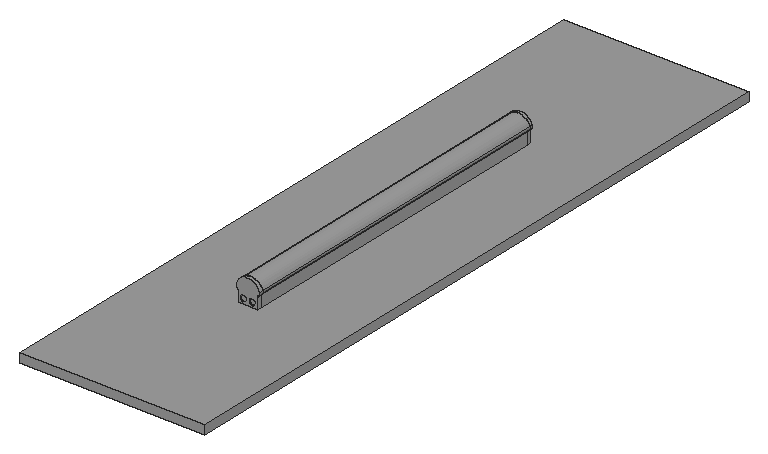
Revit family "SLLED4HTMO-HOWT40-50120-277V", category Lighting Fixtures, host Face, Revit 2026
Family settings
  Host = Face
  Round Connector Dimension = Use Diameter
  Part Type = Normal
  Cut with Voids When Loaded = No
  Light Source = Yes
  Maintain Annotation Orientation = No
  Shared = No
  Room Calculation Point = No
Parameters (values of type "SLSEL8HT-70W-4K")
  Wattage Comments = "70"
  Wattage = 68.1558 W
  built-in parameter 1150110 = 1 (stored number, unit not read)
  Type Image = SLSEL IMAGE.png
  Type Comments = "The STRIPLED SELECTABLE is our next generation of STRIPLED now\r\noffered in field selectable color temperatures (3500K, 4000K, 5000K)\r\nand three lumen levels (3700/4300/5200 lm normal for 4 ft;\r\n7200/8500/10000 lm nominal for 8 ft)"
  built-in parameter 1114217 = 0.9 (stored number, unit not read)
  Tilt Angle = -90.00°
  built-in parameter 1150109 = 1 (stored number, unit not read)
  built-in parameter 1150134 = 12
  TOTAL L = (L1 + 0.40625") * 2  # 48.00"
  built-in parameter 1150113 = 1 (stored number, unit not read)
  REFLECTOR MATERIAL = REFLECTOR MATERIAL
  Photometric Web File = "SLSEL8HT- 70W 4000K.ies"
  Model = "SLSEL8HT-70W-4K"
  Manufacturer = "BEGHELLI"
  built-in parameter 1150105 = 805.64 (stored number, unit not read)
  Lumens = 10124 lm
  built-in parameter 1150115 = 1 (stored number, unit not read)
  built-in parameter 1150137 = (empty or 0)
  built-in parameter 1150139 = (empty or 0)
  built-in parameter 1150112 = 1 (stored number, unit not read)
  built-in parameter 1150114 = 1 (stored number, unit not read)
  Lamp = "LED"
  L1 = L / 2  # 23.59375"
  L = 47.1875"
  built-in parameter 1150132 = 2
  built-in parameter 1150102 = (empty or 0)
  built-in parameter 1150107 = 4000 (stored number, unit not read)
  built-in parameter 1150138 = (empty or 0)
  built-in parameter 1150106 = 8.0564 (stored number, unit not read)
  HOUSING MATERIAL = HOUSING MATERIAL
  Emit from Line Length = 24.00"
  built-in parameter 1150104 = 13.8 (stored number, unit not read)
  Dimming Lamp Color Temperature Shift = <None>
  Description = ""
  Default Elevation = 48.00"
  Color Filter = 16777215
  built-in parameter 1114218 = 1 (stored number, unit not read)
  built-in parameter 1150133 = 10 (stored number, unit not read)
Types (7): name | Wattage Comments | Wattage | Photometric Web File | Model | built-in parameter 1150105 | Lumens | built-in parameter 1150106
  (no name) | "70" | 68.1558 W | "SLSEL8HT- 70W 4000K.ies" | "SLSEL8HT-70W-4K" | 805.64 (stored number, unit not read) | 10124 lm | 8.0564 (stored number, unit not read)
  SLSEL4HT-25W-4K | "25.8" | 24.4443 W | "SLSEL4HT- 25W 4000K.ies" | "SLSEL4HT-25W-4K" | 288.95 (stored number, unit not read) | 3631 lm | 2.8895 (stored number, unit not read)
  SLSEL4HT-30W-4K | "30.9" | 29.0625 W | "SLSEL4HT- 30W 4000K.ies" | "SLSEL4HT-30W-4K" | 343.54 (stored number, unit not read) | 4317 lm | 3.4354 (stored number, unit not read)
  SLSEL4HT-35W-4K | "35.3" | 35.0271 W | "SLSEL4HT- 35W 4000K.ies" | "SLSEL4HT-35W-4K" | 414.04 (stored number, unit not read) | 5203 lm | 4.1404 (stored number, unit not read)
  SLSEL8HT-55W-4K | "55" | 48.0336 W | "SLSEL8HT- 55W 4000K.ies" | "SLSEL8HT-55W-4K" | 567.79 (stored number, unit not read) | 7135 lm | 5.6779 (stored number, unit not read)
  SLSEL8HT-60W-4K | "60" | 57.1152 W | "SLSEL8HT- 60W 4000K.ies" | "SLSEL8HT-60W-4K" | 675.14 (stored number, unit not read) | 8484 lm | 6.7514 (stored number, unit not read)
  SLSEL8HT-70W-4K | "70" | 68.1558 W | "SLSEL8HT- 70W 4000K.ies" | "SLSEL8HT-70W-4K" | 805.64 (stored number, unit not read) | 10124 lm | 8.0564 (stored number, unit not read)
Reference planes (in)
  plane 1 "Center (Front/Back)": y = 0
  plane 2: z = 0
  plane 3 "Center (Left/Right)": x = 0
  plane 4: y = 23.59375
  plane 5: y = -23.60625
  plane 6: y = 23.99375
  plane 7: y = -24.00625
  plane 8: z = 3.00002
  plane 9: z = 3.5
Forms (in)
  Extrusion 1, solid, material "HOUSING MATERIAL" <- "HOUSING MATERIAL"
    sketch origin (0, 0, 0) x (1, 0, 0) y (0, 1, 0)
      loop
        line (-13, 48) -> (-13, -48) -> (12.99313, -48) -> (12.99313, 48) -> (-13, 48)
    from 0 to -1.21327
Dimensions and locks (in)
  "L1": plane 4 to plane 1 "Center (Front/Back)"
  locked: plane 6 to plane 4 at 0.4
  locked: plane 7 to plane 5 at 0.4
  "TOTAL L": plane 6 to plane 7
  plane 9 to level = 3.50"
  aligned and locked: plane 2 to Extrusion 1
  aligned and locked: level to Extrusion 1
  aligned and locked: plane 7 to nested 3
  aligned and locked: plane 4 to nested 4
Automatic sketch dimensions
  Extrusion 1 sketch curve to Extrusion 1 sketch curve = 25.99313"
  Extrusion 1 sketch curve to Extrusion 1 sketch curve = 96.00"
Nested families (in)
  nested 1: "HOUSING" at (0, 0, 0), type "HOUSING"
    with L1 23.59375", L 47.1875"
  nested 2: "REFLECTOR-2" at (0, 0, 0), type "REFLECTOR"
    with L1 23.59375", L 47.1875"
  nested 3: "END CAP" at (0, -24.00625, 0), type "END CAP"
  nested 4: "END CAP" at (0, 23.99375, 0), type "END CAP"
Definition of nested family "HOUSING"
  Parameters (values of type "HOUSING")
    L1 = L / 2  # 23.60"
    L = 47.20"
    HOUSING MATERIAL = none
    Default Elevation = 0.00"
  Reference planes (in)
    plane 1 "Center (Front/Back)": y = 0
    plane 2: z = 0
    plane 3 "Center (Left/Right)": x = 0
    plane 4: z = 3.6
    plane 5: y = 23.6
    plane 6: y = -23.6
  Forms (in)
    Extrusion 1, solid, material <- "HOUSING MATERIAL"
      sketch origin (0, 0, 0) x (1, 0, 0) y (0, 0, 1)
        loop
          line (-1.08937, 1.74893) -> (-1.32001, 1.74893)
          arc (-1.32001, 1.74893) -> (-1.36098, 1.73196) -> (-1.37795, 1.69098) r 0.05795
          line (-1.37795, 1.69098) -> (-1.37795, 0) -> (-0.00143, 0) -> (1.37795, 0) -> (1.37795, 1.69098)
          arc (1.37795, 1.69098) -> (1.36098, 1.73196) -> (1.32001, 1.74893) r 0.05795
          line (1.32001, 1.74893) -> (1.08937, 1.74893) -> (1.08937, 1.70205) -> (1.33108, 1.70205) -> (1.33108, 0.06147) -> (-0.00143, 0.06147) -> (-1.33108, 0.06147) -> (-1.33108, 1.70205) -> (-1.08937, 1.70205) -> (-1.08937, 1.74893)
      from -23.6 to 23.6
  Dimensions and locks (in)
    "L1": plane 5 to plane 1 "Center (Front/Back)"
    "L": plane 5 to plane 6
    aligned and locked: plane 2 to level
    aligned and locked: plane 5 to Extrusion 1
    aligned and locked: plane 6 to Extrusion 1
  Automatic sketch dimensions
    Extrusion 1 sketch curve to level = 0.00"
    Extrusion 1 sketch curve to plane 3 "Center (Left/Right)" = 1.37795"
    Extrusion 1 sketch curve to Extrusion 1 sketch curve = 0.04688"
    Extrusion 1 sketch curve to Extrusion 1 sketch curve = 0.01107"  (x3)
    Extrusion 1 sketch curve to Extrusion 1 sketch curve = 0.23064"  (x2)
    Extrusion 1 sketch curve to plane 3 "Center (Left/Right)" = 0.00143"  (x2)
    plane 3 "Center (Left/Right)" to Extrusion 1 sketch curve = 1.08937"
    level to Extrusion 1 sketch curve = 0.06147"
    plane 3 "Center (Left/Right)" to Extrusion 1 sketch curve = 1.33108"
    Extrusion 1 sketch curve to Extrusion 1 sketch curve = 0.04687"
    Extrusion 1 sketch curve to Extrusion 1 sketch curve = 1.62951"  (x2)
Definition of nested family "REFLECTOR-2"
  Parameters (values of type "REFLECTOR")
    REFLECTOR MATERIAL = none
    L1 = L / 2  # 23.60"
    L = 47.20"
    Default Elevation = 0.00"
  Reference planes (in)
    plane 1 "Center (Front/Back)": y = 0
    plane 2: z = 0
    plane 3 "Center (Left/Right)": x = 0
    plane 4: y = 23.6
    plane 5: y = -23.6
  Forms (in)
    Extrusion 1, solid, material <- "REFLECTOR MATERIAL"
      sketch origin (0, 0, 0) x (1, 0, 0) y (0, 0, 1)
        loop
          arc (1.66981, 2.28662) -> (0, 3.54724) -> (-1.66981, 2.28662) r 1.73622
          arc (-1.66981, 2.28662) -> (-1.68107, 2.09808) -> (-1.61171, 1.92239) r 0.43701
          arc (-1.61171, 1.92239) -> (-1.50642, 1.80131) -> (-1.375, 1.70925) r 0.65946
          arc (-1.375, 1.70925) -> (-1.35391, 1.73797) -> (-1.32001, 1.74893) r 0.05795
          line (-1.32001, 1.74893) -> (-1.08937, 1.74893) -> (-1.08937, 1.70205) -> (-1.04249, 1.70205) -> (-1.04249, 1.7958) -> (-1.32001, 1.7958)
          arc (-1.32001, 1.7958) -> (-1.35623, 1.78935) -> (-1.38798, 1.77077) r 0.10482
          arc (-1.38798, 1.77077) -> (-1.48984, 1.84991) -> (-1.57286, 1.94862) r 0.61258
          arc (-1.57286, 1.94862) -> (-1.63478, 2.10546) -> (-1.62473, 2.27378) r 0.39013
          arc (-1.62473, 2.27378) -> (0, 3.50037) -> (1.62473, 2.27378) r 1.68935
          arc (1.62473, 2.27378) -> (1.63478, 2.10546) -> (1.57286, 1.94862) r 0.39013
          arc (1.57286, 1.94862) -> (1.48984, 1.84991) -> (1.38798, 1.77077) r 0.61258
          arc (1.38798, 1.77077) -> (1.35623, 1.78935) -> (1.32001, 1.7958) r 0.10482
          line (1.32001, 1.7958) -> (1.04249, 1.7958) -> (1.04249, 1.70205) -> (1.08937, 1.70205) -> (1.08937, 1.74893) -> (1.32001, 1.74893)
          arc (1.32001, 1.74893) -> (1.35391, 1.73797) -> (1.375, 1.70925) r 0.05795
          arc (1.375, 1.70925) -> (1.50642, 1.80131) -> (1.61171, 1.92239) r 0.65946
          arc (1.61171, 1.92239) -> (1.68107, 2.09808) -> (1.66981, 2.28662) r 0.43701
      from -23.6 to 23.6
  Dimensions and locks (in)
    "L1": plane 4 to plane 1 "Center (Front/Back)"
    "L": plane 4 to plane 5
    aligned and locked: plane 2 to level
    aligned and locked: plane 4 to Extrusion 1
    aligned and locked: plane 5 to Extrusion 1
  Automatic sketch dimensions
    Extrusion 1 sketch curve to Extrusion 1 sketch curve = 0.00"  (x20)
    Extrusion 1 sketch curve to plane 3 "Center (Left/Right)" = 0.00"
    Extrusion 1 sketch curve to plane 3 "Center (Left/Right)" = 1.04249"
    Extrusion 1 sketch curve to Extrusion 1 sketch curve = 0.02266"  (x2)
    Extrusion 1 sketch curve to Extrusion 1 sketch curve = 0.04688"  (x5)
    Extrusion 1 sketch curve to Extrusion 1 sketch curve = 0.18436"  (x2)
    Extrusion 1 sketch curve to Extrusion 1 sketch curve = 0.23064"  (x2)
    plane 3 "Center (Left/Right)" to Extrusion 1 sketch curve = 1.04249"
    level to Extrusion 1 sketch curve = 1.69098"  (x2)
    Extrusion 1 sketch curve to Extrusion 1 sketch curve = 0.01107"  (x2)
    Extrusion 1 sketch curve to Extrusion 1 sketch curve = 0.05795"
    Extrusion 1 sketch curve to Extrusion 1 sketch curve = 0.01522"
    Extrusion 1 sketch curve to Extrusion 1 sketch curve = 0.37111"  (x2)
    Extrusion 1 sketch curve to Extrusion 1 sketch curve = 0.12447"  (x2)
    Extrusion 1 sketch curve to Extrusion 1 sketch curve = 0.05499"  (x2)
    Extrusion 1 sketch curve to Extrusion 1 sketch curve = 0.01299"  (x2)
Definition of nested family "END CAP"
  Parameters (values of type "END CAP")
    END CAP MATERIAL = none
    Default Elevation = 0.00"
  Reference planes (in)
    plane 1 "Center (Front/Back)": y = 0
    plane 2: z = 0
    plane 3 "Center (Left/Right)": x = 0
    plane 4: x = -1.7
    plane 5: z = 3.6
    plane 6: y = 0.4
  Forms (in)
    Extrusion 1, solid, material <- "END CAP MATERIAL"
      sketch origin (0, 0, 0) x (1, 0, 0) y (0, 0, 1)
        loop
          line (-1.37795, 1.69685) -> (-1.37795, 0) -> (1.37795, 0) -> (1.37795, 1.69685) -> (1.41568, 1.69685) -> (1.44574, 1.67656) -> (1.61171, 1.92239)
          arc (1.61171, 1.92239) -> (1.68107, 2.09808) -> (1.66981, 2.28662) r 0.43701
          arc (1.66981, 2.28662) -> (0, 3.54724) -> (-1.66981, 2.28662) r 1.73622
          arc (-1.66981, 2.28662) -> (-1.68107, 2.09808) -> (-1.61171, 1.92239) r 0.43701
          line (-1.61171, 1.92239) -> (-1.44574, 1.67656) -> (-1.41568, 1.69685) -> (-1.37795, 1.69685)
      from -0.4 to 0
    Extrusion 2, void
      sketch origin (0, 0, 0) x (1, 0, 0) y (0, 0, 1)
        loop
          arc (-0.65245, 1.14508) -> (-0.93517, 1.02148) -> (-1.06577, 0.74193) r 0.43701
          arc (-1.06577, 0.74193) -> (-0.3249, 0.3958) -> (-0.65245, 1.14508) r 0.43701
      from -0.06006 to 0.11548
    Extrusion 3, void
      sketch origin (0, 0, 0) x (1, 0, 0) y (0, 0, 1)
        loop
          arc (1.55335, 2.25345) -> (0, 3.42615) -> (-1.55335, 2.25345) r 1.61513
          arc (-1.55335, 2.25345) -> (-1.56149, 2.11715) -> (-1.51135, 1.99015) r 0.31591
          line (-1.51135, 1.99015) -> (-1.25686, 1.6132) -> (-1.25686, 0.12109) -> (1.25686, 0.12109) -> (1.25686, 1.6132) -> (1.51135, 1.99015)
          arc (1.51135, 1.99015) -> (1.56149, 2.11715) -> (1.55335, 2.25345) r 0.31591
      from -0.64905 to -0.19227
    Extrusion 4, void
      sketch origin (0, 0, 0) x (-1, 0, 0) y (0, 0, -1)
        loop
          arc (-0.65245, -1.14508) -> (-0.3249, -0.3958) -> (-1.06577, -0.74193) r 0.43701
          arc (-1.06577, -0.74193) -> (-0.93517, -1.02148) -> (-0.65245, -1.14508) r 0.43701
      from -0.06006 to 0.11548
  Cuts and joins
    Extrusion 2, Extrusion 3, Extrusion 4 cuts Extrusion 1
  Dimensions and locks (in)
    aligned and locked: plane 2 to level
